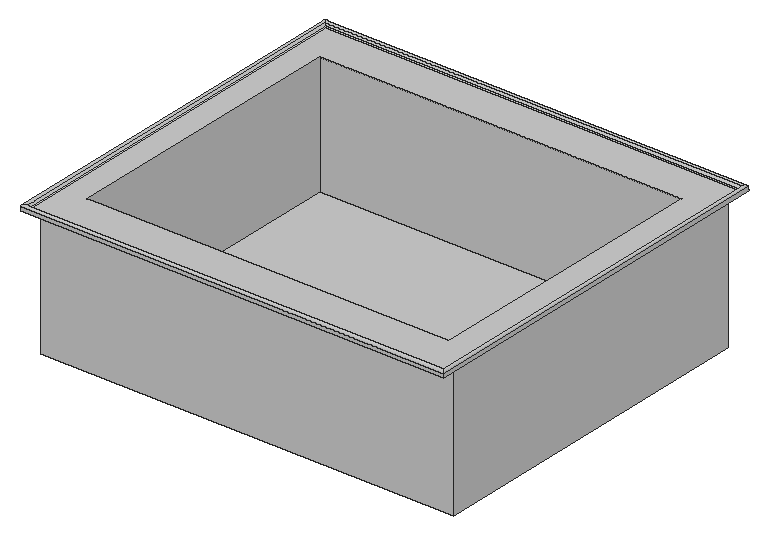
Revit family "QF_VOLLRATH_36450", category Specialty Equipment, Revit 2016
Family settings
  Part Type = Normal
  Round Connector Dimension = Use Diameter
  OmniClass Number = 23.40.40.14.24.14
  OmniClass Title = Service Line Equipment
  Work Plane-Based = Yes
  Always vertical = Yes
  Cut with Voids When Loaded = Yes
  Shared = No
  Room Calculation Point = No
Parameters (values of type "36450")
  Weight in Pounds = 0
  Waste Water Discharge Temperature [instance] = 0 °F
  Waste Remarks = ""
  URL Cutsheet = "www.vollrathfoodservice.com/downloads/57160/SPCDrop-inNonRefrigColdPanL35511en20210625-pdf"
  URL = "www.vollrathfoodservice.com"
  Status [instance] = ""
  Specification by User [instance] = ""
  Specification by Manufacturer = ""
  Serial Number = ""
  Seismic Rating = ""
  SMACNA No = ""
  Revision Code [instance] = ""
  Plumbing Remarks [instance] = ""
  Plumbing Connection Type [instance] = ""
  NAFEM Spec ID Number = ""
  Model = "36450"
  Masterspec = ""
  Manufacturer = "VOLLRATH US"
  Item Number [instance] = ""
  Installed By [instance] = ""
  Identify Quantity as Lot [instance] = no
  Furnished By [instance] = ""
  Foodservice Equipment Identifier [instance] = yes
  Direct Waste Size = 1"
  Direct Waste RI Height = 0"
  Direct Waste Flow = 0 GPM
  Direct Waste Connection Height = 0"
  Description = "TWO-WELL NONREFRIGERATED COLD WELL"
  Default Elevation = 0"
  CSI MasterFormat = ""
  Author = ""
  Assembly Code = "E1090320"
Reference planes (in)
  plane 1 "Back": y = 0
  plane 2: z = 0
  plane 3 "Left": x = 0
  plane 4 "Front": y = -26
  plane 5 "Top": z = 0
  plane 6 "Right": x = 29
Forms (in)
  Extrusion 1, void
    sketch origin (0, 0, 0) x (1, 0, 0) y (0, 1, 0)
      loop
        line (28.625, -0.375) -> (0.375, -0.375) -> (0.375, -25.625) -> (28.625, -25.625) -> (28.625, -0.375)
    from 3.27425 to -9.1875
  Extrusion 2, solid
    sketch origin (1.5, -4, 1.5625) x (1, 0, 0) y (0, 1, 0)
      loop
        circle (13, -9) r 0.5
      loop
        circle (13, -9) r 0.75
    from -9.68 to -10.75
  Extrusion 3, solid
    sketch origin (0, 0, 2.125) x (1, 0, 0) y (0, 1, 0)
      loop
        line (26.875, -3.0625) -> (2.125, -3.0625) -> (2.125, -22.9375) -> (26.875, -22.9375) -> (26.875, -3.0625)
      loop
        circle (14.5, -13) r 0.75
    from -11.3125 to -10.2425
  Extrusion 4, solid
    sketch origin (0, 0, 0) x (1, 0, 0) y (0, 1, 0)
      loop
        line (0.625, -0.625) -> (0.625, -25.375) -> (28.375, -25.375) -> (28.375, -0.625) -> (0.625, -0.625)
      loop
        line (2.125, -3.0625) -> (2.125, -22.9375) -> (26.875, -22.9375) -> (26.875, -3.0625) -> (2.125, -3.0625)
    from 0 to 0.14643
  Extrusion 5, solid
    sketch origin (0, 0, 0.375) x (1, 0, 0) y (0, 1, 0)
      loop
        line (2.125, -3.0625) -> (2.125, -22.9375) -> (26.875, -22.9375) -> (26.875, -3.0625) -> (2.125, -3.0625)
      loop
        line (0.375, -24.6875) -> (28.625, -24.6875) -> (28.625, -1.3125) -> (0.375, -1.3125) -> (0.375, -24.6875)
    from -9.5625 to -0.375
  Sweep 6, solid
    path origin (0, 0, 0) x (1, 0, 0) y (0, 1, 0)
      loop
        line (0.34375, -0.34375) -> (0.34375, -25.65625) -> (28.65625, -25.65625) -> (28.65625, -0.34375) -> (0.34375, -0.34375)
    profile origin (14.5, -0.34375, 0) x (0, 1, 0) y (0, 0, 1)
      loop
        line (0.34375, 0) -> (0.34375, 0.24548)
        arc (0.34375, 0.24548) -> (0.25632, 0.36797) -> (0.11207, 0.3251) r 0.12952
        line (0.11207, 0.3251) -> (0.00446, 0.18703)
        arc (0.00446, 0.18703) -> (-0.03241, 0.15713) -> (-0.07866, 0.14643) r 0.10539
        line (-0.07866, 0.14643) -> (-0.28125, 0.14643) -> (-0.28125, 0) -> (0.34375, 0)
Cuts and joins
  joined: Extrusion 3, Extrusion 4, Extrusion 5, Sweep 6
Lines and regions (in)
  symbolic lines, style "200-EquipBorder-2D"
    curve 1: line (29, 0, 0) -> (0, 0, 0)
    curve 2: line (29, -26, 0) -> (29, 0, 0)
    curve 3: line (0, 0, 0) -> (0, -26, 0)
    curve 8: line (0, -26, 0) -> (29, -26, 0)
  symbolic lines, style "200-EquipInternal-2D"
    curve 4: line (26.875, -3.0625, 0) -> (2.125, -3.0625, 0)
    curve 5: line (26.875, -22.9375, 0) -> (26.875, -3.0625, 0)
    curve 6: line (2.125, -22.9375, 0) -> (26.875, -22.9375, 0)
    curve 7: line (2.125, -3.0625, 0) -> (2.125, -22.9375, 0)
    curve 9: arc (14, -13, 0) -> (14.5, -12.5, 0) -> (15, -13, 0) r 0.5
    curve 10: arc (15, -13, 0) -> (14.5, -13.5, 0) -> (14, -13, 0) r 0.5
    curve 11: arc (13.75, -13, 0) -> (14.5, -12.25, 0) -> (15.25, -13, 0) r 0.75
    curve 12: arc (15.25, -13, 0) -> (14.5, -13.75, 0) -> (13.75, -13, 0) r 0.75
Dimensions and locks (in)
  plane 3 "Left" to plane 6 "Right" = 29"
  plane 4 "Front" to plane 1 "Back" = 26"
  aligned and locked: level to plane 2
Connectors (in)
  piping at (14.5, -13, -9.1875), diameter 1, driven by "Direct Waste Flow", driven by "Direct Waste Size"
    settings: on cut or joined group of Extrusion 3, Extrusion 4, Extrusion 5, Sweep 6, index 1, connector inside diameter 24", connector length 0", flow factor 0, pipe flow 0 GPM, pressure drop 0.00 psi, fitting loss kfactor 0, connector angle 0.00°, fixture units 0, engagement length 0", angle of deflection 0.00°, flow configuration 1, flow direction 2, fitting loss method 0, system type 16, joint type 0, gender type 0, connector reference index -1, connector utility 0, adjustable connector no, is connector primary yes, connector description "Drain"
